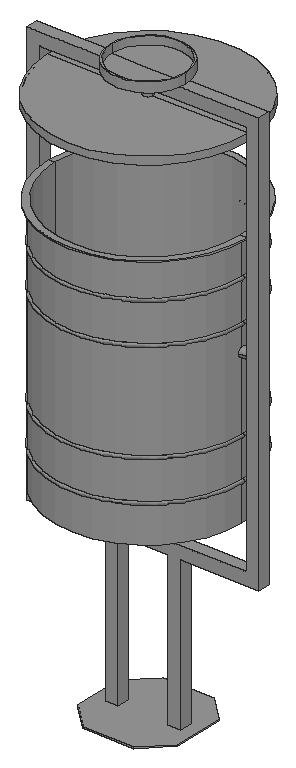
Revit family "Урна стальная «Сатурн» Арт 12484", category Антураж, Revit 2018
Family settings
  На основе рабочей плоскости = Нет
  Всегда вертикально = Да
  При загрузке вырезать с полостями = Нет
  Источник визуального образа = Геометрия семейства
  Общий = Нет
  Точка расчета площади = Нет
Parameters (values of type "Урна стальная «Сатурн». Объем 30 л")
  Ширина = 320 mm  # constant formula
  Цвет урны = Урна
  Цвет каркаса = Сталь
  Описание = "Урна стальная «Сатурн». Объем 30 л"  # constant formula
  Материал изделия = "Сталь"  # constant formula
  Изображение типоразмера = Урна стальная «Сатурн» Арт 12484.jpg
  Изготовитель = "ООО «Хоббика»"  # constant formula
  Длина = 370 mm  # constant formula
  Группа модели = "Уличные урны"  # constant formula
  Высота = 935 mm  # constant formula
  Артикул товара = "Арт. 12484"  # constant formula
  URL = "https://hobbyka.ru/product/urna_stalnaya_saturn/"
Reference planes
  plane 1 "По центру (Вперед/Назад)": y = 0
  plane 2: z = 0
  plane 3 "По центру (Влево/Вправо)": x = 0
  plane 4: x = 370
  plane 5: y = 320
  plane 6: z = 935
Forms (mm)
  Extrusion 1, solid, material "Сталь" <- "Цвет каркаса"
    sketch origin (0, 0, 0) x (1, 0, 0) y (0, 0, 1)
      loop
        line (0, 920) -> (0, 245) -> (125, 245) -> (125, 0) -> (145, 0) -> (145, 245) -> (225, 245) -> (225, 0) -> (245, 0) -> (245, 245) -> (370, 245) -> (370, 920) -> (0, 920)
      loop
        line (20, 265) -> (350, 265) -> (350, 900) -> (20, 900) -> (20, 265)
    from -150 to -170
  Extrusion 2, solid, material "Сталь" <- "Цвет каркаса"
    sketch origin (0, 0, 0) x (1, 0, 0) y (0, 1, 0)
      loop
        line (144.142, 240) -> (105, 200.858) -> (105, 119.142) -> (144.142, 80) -> (225.858, 80) -> (265, 119.142) -> (265, 200.858) -> (225.858, 240) -> (144.142, 240)
    from 0 to 2
  Extrusion 3, solid, material "Сталь" <- "Цвет каркаса"
    sketch origin (0, 0, 0) x (1, 0, 0) y (0, 1, 0)
      loop
        circle (185, 160) r 7.5
    from 885 to 900
  Extrusion 4, solid, material "Сталь" <- "Цвет каркаса"
    sketch origin (0, 0, 0) x (1, 0, 0) y (0, 1, 0)
      loop
        circle (185, 160) r 5
    from 860 to 883
  Extrusion 5, solid, material "Урна" <- "Цвет урны"
    sketch origin (0, 0, -350) x (0, 1, 0) y (0, 0, 1)
      loop
        circle (160, 920) r 7.5
    from 20 to 35
  Extrusion 6, solid, material "Урна" <- "Цвет урны"
    sketch origin (0, 0, -350) x (0, 1, 0) y (0, 0, 1)
      loop
        circle (160, 920) r 7.5
    from 335 to 350
  Revolve 7, solid, material "Урна" <- "Цвет урны"
    sketch origin (0, 160, 0) x (1, 0, 0) y (0, 0, 1)
      loop
        line (185, 920) -> (245, 920) -> (245, 935) -> (243, 935) -> (243, 922) -> (185, 922) -> (185, 920)
      loop
        line (185, 885) -> (185, 883) -> (343, 883) -> (343, 873) -> (345, 873) -> (345, 885) -> (185, 885)
      loop
        line (185, 325) -> (335, 325) -> (335, 382.5)
        arc (335, 382.5) -> (337.5, 385) -> (335, 387.5) r 2.5
        line (335, 387.5) -> (335, 447.5)
        arc (335, 447.5) -> (337.5, 450) -> (335, 452.5) r 2.5
        line (335, 452.5) -> (335, 607.5)
        arc (335, 607.5) -> (337.5, 610) -> (335, 612.5) r 2.5
        line (335, 612.5) -> (335, 672.5)
        arc (335, 672.5) -> (337.5, 675) -> (335, 677.5) r 2.5
        line (335, 677.5) -> (335, 733.012) -> (343.026, 733.012) -> (343.026, 735) -> (333, 735) -> (333, 327) -> (185, 327) -> (185, 325)
      axis (185, 325) -> (185, 935)
    angle from 0 to 360
Cuts and joins
  joined: Extrusion 1, Extrusion 2
Dimensions and locks
  "Ширина": plane 5 to plane 1 "По центру (Вперед/Назад)"
  "Длина": plane 3 "По центру (Влево/Вправо)" to plane 4
  "Высота": plane 6 to plane 2
  aligned and locked: level to plane 2
Automatic sketch dimensions
  Extrusion 1 sketch curve to plane 3 "По центру (Влево/Вправо)" = 0 mm
  Extrusion 1 sketch curve to level = 0 mm  (x2)
  Extrusion 1 sketch curve to plane 4 = 0 mm
  plane 3 "По центру (Влево/Вправо)" to Extrusion 1 sketch curve = 20 mm
  plane 3 "По центру (Влево/Вправо)" to Extrusion 1 sketch curve = 125 mm
  Extrusion 1 sketch curve to Extrusion 1 sketch curve = 20 mm  (x3)
  Extrusion 1 sketch curve to Extrusion 1 sketch curve = 80 mm
  Extrusion 1 sketch curve to plane 4 = 20 mm
  level to Extrusion 1 sketch curve = 245 mm
  Extrusion 1 sketch curve to Extrusion 1 sketch curve = 0 mm  (x2)
  Extrusion 1 sketch curve to plane 6 = 35 mm
  Extrusion 1 sketch curve to plane 6 = 15 mm
  plane 3 "По центру (Влево/Вправо)" to Extrusion 2 sketch curve = 105 mm
  Extrusion 2 sketch curve to Extrusion 2 sketch curve = 39.142 mm  (x6)
  Extrusion 2 sketch curve to Extrusion 2 sketch curve = 81.716 mm  (x4)
  Extrusion 2 sketch curve to plane 1 "По центру (Вперед/Назад)" = 80 mm
  plane 3 "По центру (Влево/Вправо)" to Extrusion 3 sketch curve = 185 mm
  Extrusion 3 sketch curve to plane 1 "По центру (Вперед/Назад)" = 160 mm
  plane 3 "По центру (Влево/Вправо)" to Extrusion 4 sketch curve = 185 mm
  Extrusion 4 sketch curve to plane 1 "По центру (Вперед/Назад)" = 160 mm
  Extrusion 5 sketch curve to plane 1 "По центру (Вперед/Назад)" = 160 mm
  Extrusion 5 sketch curve to plane 6 = 365 mm
  Extrusion 6 sketch curve to plane 1 "По центру (Вперед/Назад)" = 160 mm
  Extrusion 6 sketch curve to plane 6 = 365 mm
  Revolve 7 sketch curve to plane 6 = 0 mm
  Revolve 7 sketch curve to plane 6 = 15 mm
  plane 3 "По центру (Влево/Вправо)" to Revolve 7 sketch curve = 185 mm  (x3)
  Revolve 7 sketch curve to Revolve 7 sketch curve = 0 mm
  Revolve 7 sketch curve to plane 6 = 13 mm
  Revolve 7 sketch curve to Revolve 7 sketch curve = 58 mm
  Revolve 7 sketch curve to Revolve 7 sketch curve = 2 mm  (x4)
  Revolve 7 sketch curve to plane 4 = 37 mm
  Revolve 7 sketch curve to plane 4 = 35 mm
  Revolve 7 sketch curve to plane 4 = 27 mm
  Revolve 7 sketch curve to Revolve 7 sketch curve = 8.026 mm
  Revolve 7 sketch curve to Revolve 7 sketch curve = 35 mm
  Revolve 7 sketch curve to Revolve 7 sketch curve = 10 mm
  Revolve 7 sketch curve to Revolve 7 sketch curve = 138 mm
  Revolve 7 sketch curve to Revolve 7 sketch curve = 1.988 mm
  Revolve 7 sketch curve to Revolve 7 sketch curve = 55.512 mm
  Revolve 7 sketch curve to Revolve 7 sketch curve = 2.5 mm  (x4)
  Revolve 7 sketch curve to Revolve 7 sketch curve = 60 mm  (x2)
  Revolve 7 sketch curve to Revolve 7 sketch curve = 155 mm
  Revolve 7 sketch curve to Revolve 7 sketch curve = 55.5 mm
  level to Revolve 7 sketch curve = 2 mm
  plane 6 to Revolve 7 sketch curve = 187 mm
  radius of Extrusion 3 sketch curve = 7.5 mm
  radius of Extrusion 4 sketch curve = 5 mm
  radius of Extrusion 5 sketch curve = 7.5 mm
  radius of Extrusion 6 sketch curve = 7.5 mm
